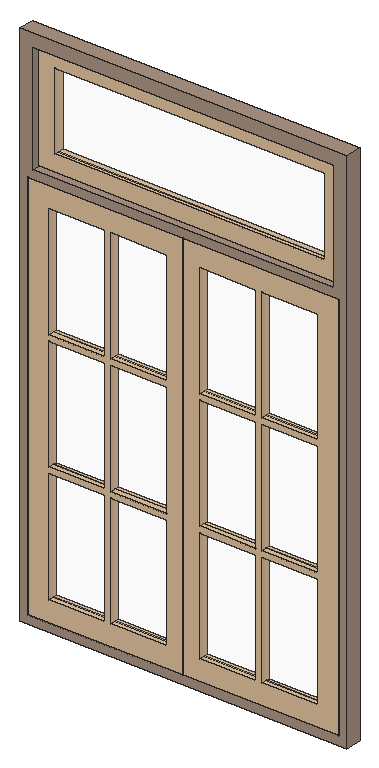
Revit family
Parameters (values of type "1200x1500 mm")
  Ventilator Height = 450 mm
  Top Rail = 60 mm
  Stile = 60 mm
  Shutter = Light Wood
  Panel = Glass (2)
  Height = 1500 mm
  Frame Width = 45 mm
  Frame Depth = 60 mm
  Frame = Dark Wood
  Default Sill Height = 800 mm
  Wall Closure = (empty or 0)
  Width = 1200 mm
  Bottom Rail = 60 mm
Types (4, lengths in mm): name | Width
  (no name) | 1200
  1500x1500 mm | 1500
  1200x1500 mm | 1200
  1800x1500 mm | 1800
Reference planes
  plane 1: y = 5
  plane 2 "Center (Left/Right)": x = 0
  plane 3 "Left": x = -600
  plane 4 "Right": x = 600
  plane 5 "Sill": z = 800
  plane 6 "Head": z = 2300
  plane 7 "Exterior": y = 80
  plane 8 "Interior": y = -70
  plane 9: x = -555
  plane 10: x = 555
  plane 11: y = 35
  plane 12: y = -25
  plane 13: z = 2255
  plane 14: z = 845
  plane 15: x = -495
  plane 16: x = 495
  plane 17: z = 2195
  plane 18: z = 905
  plane 19: x = -60
  plane 20: x = 60
  plane 21: z = 1550
  plane 22: z = 2750
  plane 23: x = 505
  plane 24: x = 50
  plane 25: x = 277.5
  plane 26: z = 2205
  plane 27: z = 895
  plane 28: z = 1768.333
  plane 29: z = 1331.667
  plane 30: z = 2705
  plane 31: x = -505
  plane 32: x = -50
  plane 33: z = 2205
  plane 34: z = 895
  plane 35: z = 1768.333
  plane 36: z = 1331.667
  plane 37: x = -277.5
  plane 38: z = 2360
  plane 39: z = 2645
Forms (mm)
  Sweep 1, solid, material "Dark Wood"
    path origin (0, 5, 0) x (1, 0, 0) y (0, 0, 1)
      loop
        line (-600, 800) -> (600, 800) -> (600, 2300) -> (-600, 2300) -> (-600, 800)
    profile origin (0, 0, 1550) x (-1, 0, 0) y (0, -1, 0)
      loop
        line (600, 25) -> (570, 25) -> (570, -10) -> (555, -10) -> (555, -35) -> (600, -35) -> (600, 25)
  Extrusion 2, solid, material "Light Wood" <- "Shutter"
    sketch origin (0, -25, 0) x (1, 0, 0) y (0, 0, 1)
      loop
        line (0, 830) -> (570, 830) -> (570, 2270) -> (0, 2270) -> (0, 830)
      loop
        line (60, 2195) -> (60, 1778.333) -> (267.5, 1778.333) -> (267.5, 2195) -> (60, 2195)
      loop
        line (60, 905) -> (267.5, 905) -> (267.5, 1321.667) -> (60, 1321.667) -> (60, 905)
      loop
        line (495, 905) -> (495, 1321.667) -> (287.5, 1321.667) -> (287.5, 905) -> (495, 905)
      loop
        line (495, 2195) -> (287.5, 2195) -> (287.5, 1778.333) -> (495, 1778.333) -> (495, 2195)
      loop
        line (495, 1758.333) -> (287.5, 1758.333) -> (287.5, 1341.667) -> (495, 1341.667) -> (495, 1758.333)
      loop
        line (267.5, 1758.333) -> (60, 1758.333) -> (60, 1341.667) -> (267.5, 1341.667) -> (267.5, 1758.333)
    from 0 to -35
  Sweep 3, solid, material "Dark Wood"
    path origin (0, 5, 0) x (1, 0, 0) y (0, 0, 1)
      loop
        line (-600, 2300) -> (-600, 2750) -> (600, 2750) -> (600, 2300)
    profile origin (0, 0, 2525) x (-1, 0, 0) y (0, -1, 0)
      loop
        line (570, 0) -> (570, -35) -> (600, -35) -> (600, 25) -> (555, 25) -> (555, 0) -> (570, 0)
  Extrusion 4, solid, material "Glass (2)" <- "Panel"
    sketch origin (0, -25, 0) x (1, 0, 0) y (0, 0, 1)
      loop
        line (60, 2195) -> (60, 1778.333) -> (267.5, 1778.333) -> (267.5, 2195) -> (60, 2195)
      loop
        line (287.5, 2195) -> (287.5, 1778.333) -> (495, 1778.333) -> (495, 2195) -> (287.5, 2195)
      loop
        line (60, 1758.333) -> (60, 1341.667) -> (267.5, 1341.667) -> (267.5, 1758.333) -> (60, 1758.333)
      loop
        line (287.5, 1758.333) -> (287.5, 1341.667) -> (495, 1341.667) -> (495, 1758.333) -> (287.5, 1758.333)
      loop
        line (60, 1321.667) -> (60, 905) -> (267.5, 905) -> (267.5, 1321.667) -> (60, 1321.667)
      loop
        line (287.5, 1321.667) -> (287.5, 905) -> (495, 905) -> (495, 1321.667) -> (287.5, 1321.667)
      loop
        line (-495, 2195) -> (-495, 1778.333) -> (-287.5, 1778.333) -> (-287.5, 2195) -> (-495, 2195)
      loop
        line (-267.5, 2195) -> (-267.5, 1778.333) -> (-60, 1778.333) -> (-60, 2195) -> (-267.5, 2195)
      loop
        line (-495, 1758.333) -> (-495, 1341.667) -> (-287.5, 1341.667) -> (-287.5, 1758.333) -> (-495, 1758.333)
      loop
        line (-267.5, 1758.333) -> (-267.5, 1341.667) -> (-60, 1341.667) -> (-60, 1758.333) -> (-267.5, 1758.333)
      loop
        line (-495, 1321.667) -> (-495, 905) -> (-287.5, 905) -> (-287.5, 1321.667) -> (-495, 1321.667)
      loop
        line (-267.5, 1321.667) -> (-267.5, 905) -> (-60, 905) -> (-60, 1321.667) -> (-267.5, 1321.667)
    from -21 to -17
  Extrusion 5, solid, material "Light Wood" <- "Shutter"
    sketch origin (0, -25, 0) x (1, 0, 0) y (0, 0, 1)
      loop
        line (0, 2270) -> (-570, 2270) -> (-570, 830) -> (0, 830) -> (0, 2270)
      loop
        line (-495, 2195) -> (-495, 1778.333) -> (-287.5, 1778.333) -> (-287.5, 2195) -> (-495, 2195)
      loop
        line (-495, 905) -> (-287.5, 905) -> (-287.5, 1321.667) -> (-495, 1321.667) -> (-495, 905)
      loop
        line (-60, 905) -> (-60, 1321.667) -> (-267.5, 1321.667) -> (-267.5, 905) -> (-60, 905)
      loop
        line (-60, 2195) -> (-267.5, 2195) -> (-267.5, 1778.333) -> (-60, 1778.333) -> (-60, 2195)
      loop
        line (-60, 1758.333) -> (-267.5, 1758.333) -> (-267.5, 1341.667) -> (-60, 1341.667) -> (-60, 1758.333)
      loop
        line (-495, 1341.667) -> (-287.5, 1341.667) -> (-287.5, 1758.333) -> (-495, 1758.333) -> (-495, 1341.667)
    from 0 to -35
  Extrusion 6, solid, material "Light Wood" <- "Shutter"
    sketch origin (0, 5, 0) x (1, 0, 0) y (0, 0, 1)
      loop
        line (570, 2720) -> (-570, 2720) -> (-570, 2300) -> (570, 2300) -> (570, 2720)
      loop
        line (495, 2645) -> (-495, 2645) -> (-495, 2360) -> (495, 2360) -> (495, 2645)
    from 0 to -35
  Extrusion 7, solid, material "Glass (2)" <- "Panel"
    sketch origin (0, 48.5, 2360) x (0, -1, 0) y (-1, 0, 0)
      loop
        line (29, 495) -> (29, -495) -> (33, -495) -> (33, 495) -> (29, 495)
    from 0 to -285
Cuts and joins
  joined: Sweep 1, Sweep 3
Lines and regions (mm)
  Opening 1
    outline origin (3500, -70, 0) x (1, 0, 0) y (0, 0, 1)
      loop
        line (-2900, 800) -> (-2900, 2300) -> (-2900, 2750) -> (-4100, 2750) -> (-4100, 2300) -> (-4100, 800) -> (-2900, 800)
  symbolic lines, style "WindowsFrameMullionProjection", detail levels medium+fine
    curve 1: line (-600, 35, 0) -> (-555, 35, 0)
    curve 2: line (-555, 35, 0) -> (-555, 5, 0)
    curve 3: line (-570, 5, 0) -> (-555, 5, 0)
    curve 4: line (-570, 5, 0) -> (-570, -25, 0)
    curve 5: line (-600, -25, 0) -> (-570, -25, 0)
    curve 6: line (600, 35, 0) -> (555, 35, 0)
    curve 7: line (555, 35, 0) -> (555, 5, 0)
    curve 8: line (555, 10, 0) -> (570, 10, 0)
    curve 9: line (570, 10, 0) -> (570, -25, 0)
    curve 10: line (570, -25, 0) -> (600, -25, 0)
    curve 11: line (600, -25, 0) -> (600, 35, 0)
    curve 12: line (-600, 35, 0) -> (-600, -25, 0)
  symbolic lines, style "Plan Swing"
    curve 13: line (-570, -25, 0) -> (570, -25, 0)
    curve 14: line (0, 10, 0) -> (0, -25, 0)
    curve 23: line (-570, 10, 0) -> (570, 10, 0)
  symbolic lines, style "WindowsFrameMullionProjection", detail levels coarse
    curve 15: line (-570, -25, 0) -> (-600, -25, 0)
    curve 16: line (-570, 35, 0) -> (-570, -25, 0)
    curve 17: line (-600, 35, 0) -> (-570, 35, 0)
    curve 18: line (-600, -25, 0) -> (-600, 35, 0)
    curve 19: line (570, -25, 0) -> (600, -25, 0)
    curve 20: line (570, 35, 0) -> (570, -25, 0)
    curve 21: line (600, 35, 0) -> (570, 35, 0)
    curve 22: line (600, -25, 0) -> (600, 35, 0)
  symbolic lines, style "Elevation Swing Coarse", detail levels coarse
    curve 24: line (555, 0, 1550) -> (0, 0, 2255)
    curve 25: line (0, 0, 2255) -> (-555, 0, 1550)
    curve 26: line (555, 0, 1550) -> (0, 0, 845)
    curve 27: line (0, 0, 845) -> (-555, 0, 1550)
    curve 28: line (-555, 0, 2300) -> (0, 0, 2705)
    curve 29: line (0, 0, 2705) -> (555, 0, 2300)
  symbolic lines, style "Elevation Swing Medium", detail levels medium
    curve 30: line (555, 0, 1550) -> (0, 0, 2255)
    curve 31: line (0, 0, 2255) -> (-555, 0, 1550)
    curve 32: line (555, 0, 1550) -> (0, 0, 845)
    curve 33: line (0, 0, 845) -> (-555, 0, 1550)
    curve 34: line (-555, 0, 2300) -> (0, 0, 2705)
    curve 35: line (0, 0, 2705) -> (555, 0, 2300)
  symbolic lines, style "Elevation Swing Fine", detail levels fine
    curve 36: line (555, 0, 1550) -> (0, 0, 2255)
    curve 37: line (0, 0, 2255) -> (-555, 0, 1550)
    curve 38: line (555, 0, 1550) -> (0, 0, 845)
    curve 39: line (0, 0, 845) -> (-555, 0, 1550)
    curve 40: line (-555, 0, 2300) -> (0, 0, 2705)
    curve 41: line (0, 0, 2705) -> (555, 0, 2300)
Text (mm)
  text "EXTERIOR" at (-1963.203, 1332.353, 0), in view "Ref. Level"
  text "INTERIOR" at (-1981.466, -818.386, 0), in view "Ref. Level"
  text "Exterior" at (0, 923.751, 2943.296), in view "Right"
  text "Exterior" at (0, 1040.484, 2685.409), in view "Left"
Dimensions and locks
  equal spacing: plane 3 "Left", plane 2 "Center (Left/Right)", plane 4 "Right"
  "Width": plane 3 "Left" to plane 4 "Right"
  "Height": plane 5 "Sill" to plane 6 "Head"
  plane 5 "Sill" to level = 800 mm
  locked: plane 7 "Exterior" to host wall at 0
  locked: plane 8 "Interior" to host wall
  locked: Sweep 1 sketch curve to Sweep 1 sketch curve at 15
  "Frame Width": plane 3 "Left" to plane 9
  "Frame Width": plane 10 to plane 4 "Right"
  equal spacing: plane 12, plane 1, plane 11
  "Frame Depth": plane 12 to plane 11
  "Frame Width": plane 6 "Head" to plane 13
  "Frame Width": plane 14 to plane 5 "Sill"
  "Stile": plane 15 to plane 9
  "Stile": plane 10 to plane 16
  "Stile": plane 2 "Center (Left/Right)" to plane 19
  "Stile": plane 20 to plane 2 "Center (Left/Right)"
  "Top Rail": plane 13 to plane 17
  "Bottom Rail": plane 18 to plane 14
  equal spacing: plane 6 "Head", plane 21, plane 5 "Sill"
  "Ventilator Height": plane 22 to plane 6 "Head"
  equal spacing: plane 23, plane 25, plane 24
  locked: plane 24 to plane 20 at 10
  locked: plane 23 to plane 16 at 10
  equal spacing: plane 26, plane 28, plane 29, plane 27
  locked: plane 26 to plane 17 at 10
  locked: plane 18 to plane 27 at 10
  locked: Sweep 1 sketch curve to Sweep 1 sketch curve at 35
  locked: Sweep 3 sketch curve to Sweep 3 sketch curve at 35
  locked: Sweep 3 sketch curve to Sweep 3 sketch curve at 15
  "Frame Width": plane 22 to plane 30
  locked: plane 33 to plane 17 at 10
  locked: plane 18 to plane 34 at 10
  locked: plane 15 to plane 31 at 10
  locked: plane 32 to plane 19 at 10
  equal spacing: plane 33, plane 35, plane 36, plane 34
  equal spacing: plane 32, plane 37, plane 31
  "Bottom Rail": plane 38 to plane 6 "Head"
  "Top Rail": plane 30 to plane 39
  "Default Sill Height": plane 5 "Sill" to level
  equal spacing: plane 8 "Interior", plane 1, plane 7 "Exterior"
  aligned and locked: host wall to Sweep 1 sketch curve
  aligned and locked: Sweep 1 sketch curve to host wall  (x2)
  aligned and locked: Sweep 1 sketch curve to plane 12
  aligned and locked: Sweep 1 sketch curve to plane 3 "Left"
  aligned and locked: Sweep 1 sketch curve to plane 11
  aligned and locked: plane 9 to Sweep 1 sketch curve
  aligned and locked: Extrusion 2 sketch curve to plane 20
  aligned and locked: plane 17 to Extrusion 2 sketch curve
  aligned and locked: plane 18 to Extrusion 2 sketch curve
  aligned and locked: plane 16 to Extrusion 2 sketch curve
  aligned and locked: curve 1 to Sweep 1  (x2)
  aligned and locked: curve 2 to Sweep 1
  aligned and locked: curve 3 to Sweep 1
  aligned and locked: Sweep 1 to curve 5
  aligned and locked: Sweep 1 to curve 6
  aligned and locked: curve 7 to Sweep 1
  aligned and locked: curve 7 to curve 8
  aligned and locked: Sweep 1 to curve 8
  aligned and locked: Sweep 1 to curve 9
  aligned and locked: plane 3 "Left" to Opening 1 sketch curve
  aligned and locked: Opening 1 sketch curve to plane 22
  aligned and locked: Sweep 3 sketch curve to host wall  (x3)
  aligned and locked: Extrusion 2 to Sweep 1
  aligned and locked: plane 12 to Extrusion 2
  aligned and locked: Sweep 3 sketch curve to plane 11
  aligned and locked: Sweep 3 sketch curve to Sweep 1  (x2)
  aligned and locked: Sweep 1 to Sweep 3 sketch curve
  aligned and locked: Extrusion 2 to Extrusion 4 sketch curve  (x6)
  aligned and locked: Extrusion 4 sketch curve to Extrusion 2  (x18)
  aligned and locked: curve 13 to plane 12
  aligned and locked: curve 14 to plane 2 "Center (Left/Right)"
  aligned and locked: curve 22 to Sweep 1  (x2)
  aligned and locked: cut or joined group of Sweep 1, Sweep 3 to plane 30
  aligned and locked: plane 2 "Center (Left/Right)" to Extrusion 2 sketch curve
  aligned and locked: Extrusion 5 sketch curve to Extrusion 2
  aligned and locked: Extrusion 2 to Extrusion 5 sketch curve
  aligned and locked: Extrusion 5 sketch curve to cut or joined group of Sweep 1, Sweep 3  (x2)
  aligned and locked: Extrusion 5 sketch curve to plane 15
  aligned and locked: Extrusion 5 sketch curve to plane 17
  aligned and locked: Extrusion 5 sketch curve to plane 18
  aligned and locked: plane 19 to Extrusion 5 sketch curve
  aligned and locked: Extrusion 5 to Extrusion 4 sketch curve  (x6)
  aligned and locked: Extrusion 4 sketch curve to Extrusion 5  (x18)
  aligned and locked: cut or joined group of Sweep 1, Sweep 3 to Extrusion 6 sketch curve
  aligned and locked: Extrusion 6 sketch curve to cut or joined group of Sweep 1, Sweep 3  (x3)
  aligned and locked: plane 16 to Extrusion 6 sketch curve
  aligned and locked: Extrusion 6 sketch curve to plane 39
  aligned and locked: plane 38 to Extrusion 6 sketch curve
  aligned and locked: Extrusion 6 sketch curve to plane 15
  aligned and locked: Extrusion 7 sketch curve to Extrusion 5
  aligned and locked: Extrusion 7 sketch curve to Extrusion 4
  aligned and locked: Extrusion 7 to plane 39
  aligned and locked: plane 38 to Extrusion 7
  aligned and locked: curve 16 to curve 23
  aligned and locked: curve 23 to cut or joined group of Sweep 1, Sweep 3
  aligned and locked: curve 24 to cut or joined group of Sweep 1, Sweep 3  (x2)
  aligned and locked: cut or joined group of Sweep 1, Sweep 3 to curve 25
  aligned and locked: Extrusion 2 to curve 26
  aligned and locked: cut or joined group of Sweep 1, Sweep 3 to curve 28  (x2)
  aligned and locked: cut or joined group of Sweep 1, Sweep 3 to curve 29
Automatic sketch dimensions
  Opening 1 sketch curve to plane 4 "Right" = 0 mm
  Opening 1 sketch curve to plane 5 "Sill" = 0 mm
  Opening 1 sketch curve to plane 6 "Head" = 0 mm  (x2)
  Sweep 1 sketch curve to plane 6 "Head" = 0 mm
  Sweep 3 sketch curve to plane 6 "Head" = 0 mm  (x2)
  Extrusion 2 sketch curve to plane 20 = 0 mm  (x2)
  Extrusion 2 sketch curve to plane 18 = 0 mm
  Extrusion 2 sketch curve to plane 17 = 0 mm
  Extrusion 2 sketch curve to plane 16 = 0 mm  (x2)
  plane 25 to Extrusion 2 sketch curve = 10 mm  (x3)
  Extrusion 2 sketch curve to plane 25 = 10 mm  (x3)
  plane 10 to Extrusion 2 sketch curve = 15 mm
  plane 14 to Extrusion 2 sketch curve = 15 mm
  plane 29 to Extrusion 2 sketch curve = 10 mm  (x2)
  Extrusion 2 sketch curve to plane 29 = 10 mm  (x2)
  plane 28 to Extrusion 2 sketch curve = 10 mm  (x2)
  Extrusion 2 sketch curve to plane 28 = 10 mm  (x2)
  Extrusion 2 sketch curve to plane 13 = 15 mm
  Extrusion 5 sketch curve to plane 37 = 10 mm  (x3)
  plane 37 to Extrusion 5 sketch curve = 10 mm  (x3)
  Extrusion 5 sketch curve to plane 36 = 10 mm  (x2)
  plane 35 to Extrusion 5 sketch curve = 10 mm  (x2)
  Extrusion 5 sketch curve to plane 17 = 0 mm
  Extrusion 5 sketch curve to plane 18 = 0 mm
  Extrusion 5 sketch curve to plane 15 = 0 mm  (x2)
  Extrusion 5 sketch curve to plane 35 = 10 mm  (x2)
  Extrusion 5 sketch curve to plane 19 = 0 mm  (x2)
  plane 36 to Extrusion 5 sketch curve = 10 mm  (x2)
  Extrusion 7 sketch curve to host wall = 14.5 mm
  Extrusion 7 sketch curve to Extrusion 7 sketch curve = 4 mm
  curve 34 to plane 6 "Head" = 0 mm
  curve 41 to plane 6 "Head" = 0 mm
  curve 35 to plane 6 "Head" = 0 mm
  curve 40 to plane 6 "Head" = 0 mm
  curve 24 to plane 21 = 0 mm
  curve 37 to plane 21 = 0 mm
  curve 38 to plane 14 = 0 mm
  curve 34 to plane 9 = 0 mm
  curve 40 to plane 9 = 0 mm
  curve 28 to plane 9 = 0 mm
  curve 28 to plane 2 "Center (Left/Right)" = 0 mm
  curve 30 to plane 2 "Center (Left/Right)" = 0 mm
  curve 35 to plane 10 = 0 mm
  curve 29 to plane 10 = 0 mm
  curve 41 to plane 10 = 0 mm
  curve 3 to host wall = 0 mm
  curve 7 to host wall = 0 mm
  plane 10 to curve 20 = 15 mm
